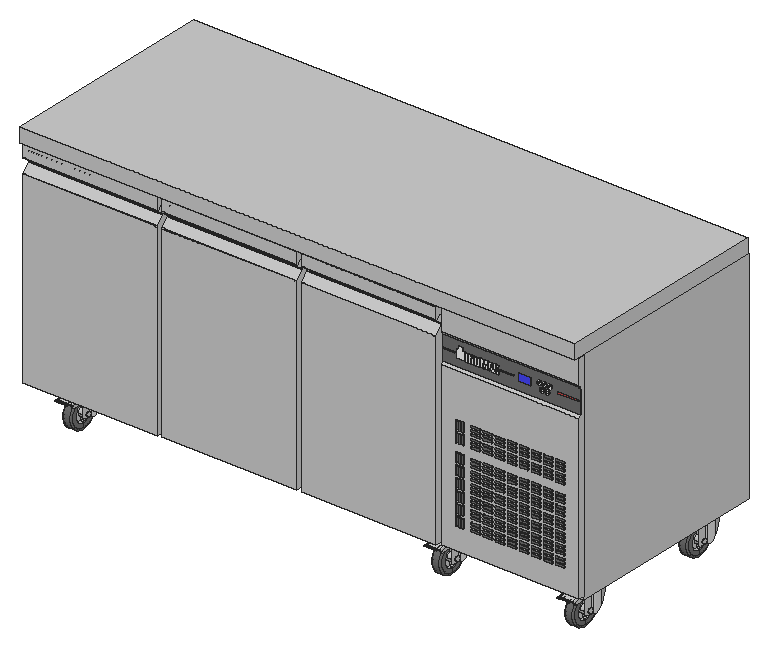
Revit family "QF_INOMAK_PNRP999_250523032323", category Specialty Equipment, Revit 2021 (continued)
Definition of nested family "QF_INOMAK_REF_COUNTERS_DOORS_DRAWERS_25901"
  Definition of nested family "2_Drawers_1-2"
    Reference planes
      plane 14: z = 602
      plane 15: z = 598
      plane 16: z = 154
    Forms (mm)
      Extrusion 1, solid, material <- "Finish", visible <- "2 Drawers"
        sketch origin (35, 0, 0) x (0, -1, 0) y (0, 0, 1)
          loop
            line (690, 602) -> (690, 960.365)
            arc (690, 960.365) -> (689.866, 961.037) -> (689.485, 961.607) r 1.757
            line (689.485, 961.607) -> (666.663, 984.429)
            arc (666.663, 984.429) -> (665.976, 985.458) -> (665.734, 986.672) r 3.172
            line (665.734, 986.672) -> (665.734, 1013.576)
            arc (665.734, 1013.576) -> (666.433, 1015.262) -> (668.119, 1015.961) r 2.385
            line (668.119, 1015.961) -> (680.029, 1015.961) -> (686.544, 1006.657)
            arc (686.544, 1006.657) -> (688.671, 1005.935) -> (690, 1007.747) r 1.9
            line (690, 1007.747) -> (690, 1046) -> (648, 1046) -> (648, 602) -> (690, 602)
        from 0 to -1130
      Extrusion 2, solid, visible <- "2 Drawers", detail levels coarse
        sketch origin (0, -640.463, 602) x (0, 1, 0) y (-1, 0, 0)
          loop
            line (-49.537, -35) -> (-624.537, -35) -> (-624.537, -1165) -> (-49.537, -1165) -> (-49.537, -35)
        from 0 to 444
      Extrusion 3, solid, visible <- "2 Drawers", detail levels coarse
        sketch origin (0, -700, 154) x (-1, 0, 0) y (0, 1, 0)
          loop
            line (-35, 10) -> (-1165, 10) -> (-1165, -565) -> (-35, -565) -> (-35, 10)
        from 0 to -444
      Extrusion 4, solid, material <- "Finish", visible <- "2 Drawers"
        sketch origin (35, 0, -441.333) x (0, -1, 0) y (0, 0, 1)
          loop
            line (690, 595.333) -> (690, 953.698)
            arc (690, 953.698) -> (689.866, 954.37) -> (689.485, 954.94) r 1.757
            line (689.485, 954.94) -> (666.663, 977.763)
            arc (666.663, 977.763) -> (665.976, 978.792) -> (665.734, 980.006) r 3.172
            line (665.734, 980.006) -> (665.734, 1006.909)
            arc (665.734, 1006.909) -> (666.433, 1008.596) -> (668.119, 1009.294) r 2.385
            line (668.119, 1009.294) -> (680.029, 1009.294) -> (686.544, 999.991)
            arc (686.544, 999.991) -> (688.671, 999.268) -> (690, 1001.08) r 1.9
            line (690, 1001.08) -> (690, 1039.333) -> (648, 1039.333) -> (648, 595.333) -> (690, 595.333)
        from 0 to -1130
    Lines and regions (mm)
      symbolic lines, visible <- "2 Drawers"
        curve 1: line (35, -940, 900) -> (35, -980, 900)
        curve 2: line (35, -980, 900) -> (1165, -980, 900)
        curve 3: line (1165, -980, 900) -> (1165, -940, 900)
        curve 4: line (1165, -940, 900) -> (35, -940, 900)
        curve 5: line (1135, -940, 900) -> (1135, -700, 900)
        curve 6: line (65, -940, 900) -> (65, -700, 900)
        curve 7: line (35, -1225, 900) -> (35, -1265, 900)
        curve 8: line (35, -1265, 900) -> (1165, -1265, 900)
        curve 9: line (1165, -1265, 900) -> (1165, -1225, 900)
        curve 10: line (1165, -1225, 900) -> (35, -1225, 900)
        curve 11: line (1135, -1225, 900) -> (1135, -980, 900)
        curve 12: line (65, -1225, 900) -> (65, -980, 900)
    Dimensions and locks
      "Length Actual": plane 3 "Left" to plane 4 "Right"
      "Depth Actual": plane 5 "Front" to plane 1 "Back"
      "Height Actual": plane 6 "Top" to plane 8 "Legs top"
      "Front inset": plane 7 "Front legs" to plane 5 "Front"
      "Plinth height": plane 8 "Legs top" to plane 2
      "Rear inset": plane 9 "Backsplash thickness" to plane 1 "Back"
      "Right panel thickness": plane 11 "Right panel" to plane 4 "Right"
      "Left panel thickness": plane 3 "Left" to plane 10 "Left panel"
      "Top inset": plane 6 "Top" to plane 13
      "Bottom inset": plane 16 to plane 8 "Legs top"
      equal spacing: plane 16, plane 12, plane 13
      locked: plane 14 to plane 12 at 2
      locked: plane 15 to plane 12 at 2
      aligned and locked: level to plane 2
      aligned and locked: Extrusion 1 to plane 11 "Right panel"
      aligned and locked: plane 10 "Left panel" to curve 1
      aligned and locked: plane 10 "Left panel" to curve 7
      aligned and locked: Extrusion 2 sketch curve to plane 10 "Left panel"
      aligned and locked: plane 11 "Right panel" to Extrusion 2 sketch curve
      aligned and locked: Extrusion 3 sketch curve to plane 10 "Left panel"
      aligned and locked: plane 11 "Right panel" to Extrusion 3 sketch curve
      aligned and locked: Extrusion 2 to plane 13
      aligned and locked: Extrusion 4 to plane 11 "Right panel"
      aligned and locked: Extrusion 3 to plane 15
      aligned and locked: Extrusion 1 sketch curve to plane 13
      aligned and locked: Extrusion 1 sketch curve to plane 7 "Front legs"
      aligned and locked: plane 14 to Extrusion 1 sketch curve
      aligned and locked: Extrusion 4 sketch curve to plane 15
      aligned and locked: Extrusion 4 sketch curve to plane 7 "Front legs"
      aligned and locked: Extrusion 4 sketch curve to plane 16
    Automatic sketch dimensions
      Extrusion 2 sketch curve to plane 7 "Front legs" = 0 mm
      Extrusion 2 sketch curve to plane 5 "Front" = 565 mm
      Extrusion 3 sketch curve to plane 7 "Front legs" = 0 mm
      Extrusion 3 sketch curve to plane 5 "Front" = 565 mm
      curve 9 to plane 11 "Right panel" = 0 mm
      curve 2 to plane 11 "Right panel" = 0 mm
      curve 5 to plane 5 "Front" = 0 mm
      curve 6 to plane 5 "Front" = 0 mm
      curve 1 to plane 5 "Front" = 240 mm
      curve 3 to curve 3 = 40 mm
      curve 7 to curve 1 = 245 mm
      curve 8 to curve 9 = 40 mm
      plane 11 "Right panel" to curve 5 = 30 mm
      curve 2 to curve 11 = 30 mm
      curve 6 to plane 10 "Left panel" = 30 mm
      curve 12 to plane 10 "Left panel" = 30 mm
      Extrusion 1 sketch curve to Extrusion 1 sketch curve = 17.734 mm
      Extrusion 1 sketch curve to Extrusion 1 sketch curve = 0.929 mm
      Extrusion 1 sketch curve to Extrusion 1 sketch curve = 2.385 mm
      Extrusion 1 sketch curve to Extrusion 1 sketch curve = 3.172 mm
      Extrusion 1 sketch curve to Extrusion 1 sketch curve = 11.91 mm
      Extrusion 1 sketch curve to Extrusion 1 sketch curve = 6.515 mm
      Extrusion 1 sketch curve to Extrusion 1 sketch curve = 1.556 mm
      Extrusion 1 sketch curve to Extrusion 1 sketch curve = 21.58 mm
      Extrusion 1 sketch curve to Extrusion 1 sketch curve = 1.242 mm
      Extrusion 1 sketch curve to Extrusion 1 sketch curve = 1.9 mm
      Extrusion 1 sketch curve to Extrusion 1 sketch curve = 0.515 mm
      Extrusion 1 sketch curve to Extrusion 1 sketch curve = 22.822 mm
      Extrusion 1 sketch curve to Extrusion 1 sketch curve = 19.985 mm
      Extrusion 1 sketch curve to Extrusion 1 sketch curve = 6.919 mm
      Extrusion 1 sketch curve to Extrusion 1 sketch curve = 30.039 mm
      Extrusion 4 sketch curve to plane 7 "Front legs" = 0 mm
      plane 7 "Front legs" to Extrusion 4 sketch curve = 0.515 mm
      plane 7 "Front legs" to Extrusion 4 sketch curve = 1.757 mm
      plane 7 "Front legs" to Extrusion 4 sketch curve = 1.9 mm
      Extrusion 4 sketch curve to Extrusion 4 sketch curve = 1.556 mm
      plane 7 "Front legs" to Extrusion 4 sketch curve = 9.971 mm
      plane 7 "Front legs" to Extrusion 4 sketch curve = 21.094 mm
      Extrusion 4 sketch curve to Extrusion 4 sketch curve = 11.91 mm
      Extrusion 4 sketch curve to Extrusion 4 sketch curve = 2.243 mm
      Extrusion 4 sketch curve to Extrusion 4 sketch curve = 2.385 mm
      Extrusion 4 sketch curve to Extrusion 4 sketch curve = 20.119 mm
      Extrusion 4 sketch curve to Extrusion 4 sketch curve = 22.822 mm
      Extrusion 4 sketch curve to Extrusion 4 sketch curve = 19.985 mm
      Extrusion 4 sketch curve to Extrusion 4 sketch curve = 6.919 mm
      Extrusion 4 sketch curve to Extrusion 4 sketch curve = 30.039 mm
  Definition of nested family "2_Drawers_1-3_2-3"
    Parameters (values of type "2 Drawers 1-3 and 2-3")
      URL = "www.specifiglobal.com"
      Top inset [instance] = 4 mm
      Right panel thickness [instance] = 35 mm
      Rear inset [instance] = 10 mm
      Plinth height [instance] = 150 mm
      Model = ""
      Manufacturer = "DEMO CONSULTANT"
      Length Actual [instance] = 1200 mm
      Left panel thickness [instance] = 35 mm
      Height Actual [instance] = 900 mm
      Front inset [instance] = 10 mm
      Finish = none
      Doors drawers type [instance] = 5
      Description = ""
      Depth Actual [instance] = 700 mm
      Default Elevation = 0 mm
      Bottom inset [instance] = 4 mm
      Assembly Code = "E1090320"
      2 Drawers 1-3 and 2-3 [instance] = Doors drawers type = 5  # yes
    Reference planes
      plane 1 "Back": y = 0
      plane 2: z = 0
      plane 3 "Left": x = 0
      plane 4 "Right": x = 1200
      plane 5 "Front": y = -700
      plane 6 "Top": z = 1050
      plane 7 "Front legs": y = -690
      plane 8 "Legs top": z = 150
      plane 9 "Backsplash thickness": y = -10
      plane 10 "Left panel": x = 35
      plane 11 "Right panel": x = 1165
      plane 12: z = 1046
      plane 13: z = 751.833
      plane 14: z = 746.833
      plane 15: z = 154
      plane 16: z = 450.667
      plane 17: z = 152
      plane 18: z = 1048
      plane 19: z = 749.333
    Forms (mm)
      Extrusion 1, solid, material <- "Finish", visible <- "2 Drawers 1-3 and 2-3"
        sketch origin (35, 0, 0) x (0, -1, 0) y (0, 0, 1)
          loop
            line (690, 751.833) -> (690, 960.365)
            arc (690, 960.365) -> (689.866, 961.037) -> (689.485, 961.607) r 1.757
            line (689.485, 961.607) -> (666.663, 984.429)
            arc (666.663, 984.429) -> (665.976, 985.458) -> (665.734, 986.672) r 3.172
            line (665.734, 986.672) -> (665.734, 1013.576)
            arc (665.734, 1013.576) -> (666.433, 1015.262) -> (668.119, 1015.961) r 2.385
            line (668.119, 1015.961) -> (680.029, 1015.961) -> (686.544, 1006.657)
            arc (686.544, 1006.657) -> (688.671, 1005.935) -> (690, 1007.747) r 1.9
            line (690, 1007.747) -> (690, 1046) -> (648, 1046) -> (648, 751.833) -> (690, 751.833)
        from 0 to -1130
      Extrusion 2, solid, visible <- "2 Drawers 1-3 and 2-3", detail levels coarse
        sketch origin (0, -640.463, 751.833) x (0, 1, 0) y (-1, 0, 0)
          loop
            line (-49.537, -35) -> (-624.537, -35) -> (-624.537, -1165) -> (-49.537, -1165) -> (-49.537, -35)
        from 0 to 294.167
      Extrusion 3, solid, visible <- "2 Drawers 1-3 and 2-3", detail levels coarse
        sketch origin (0, -700, 154) x (-1, 0, 0) y (0, 1, 0)
          loop
            line (-35, 10) -> (-1165, 10) -> (-1165, -565) -> (-35, -565) -> (-35, 10)
        from 0 to -592.833
      Extrusion 4, solid, material <- "Finish", visible <- "2 Drawers 1-3 and 2-3"
        sketch origin (35, 0, -441.333) x (0, -1, 0) y (0, 0, 1)
          loop
            line (690, 595.333) -> (690, 1101.698)
            arc (690, 1101.698) -> (689.866, 1102.37) -> (689.485, 1102.94) r 1.757
            line (689.485, 1102.94) -> (666.663, 1126.596)
            arc (666.663, 1126.596) -> (665.976, 1127.625) -> (665.734, 1128.839) r 3.172
            line (665.734, 1128.839) -> (665.734, 1155.743)
            arc (665.734, 1155.743) -> (666.433, 1157.429) -> (668.119, 1158.128) r 2.385
            line (668.119, 1158.128) -> (680.029, 1158.128) -> (686.544, 1148.824)
            arc (686.544, 1148.824) -> (688.671, 1148.102) -> (690, 1149.914) r 1.9
            line (690, 1149.914) -> (690, 1188.167) -> (648, 1188.167) -> (648, 595.333) -> (690, 595.333)
        from 0 to -1130
    Lines and regions (mm)
      symbolic lines, visible <- "2 Drawers 1-3 and 2-3"
        curve 1: line (35, -1000, 900) -> (35, -1040, 900)
        curve 2: line (35, -1040, 900) -> (1165, -1040, 900)
        curve 3: line (1165, -1040, 900) -> (1165, -1000, 900)
        curve 4: line (1165, -1000, 900) -> (35, -1000, 900)
        curve 5: line (1135, -1000, 900) -> (1135, -700, 900)
        curve 6: line (65, -1000, 900) -> (65, -700, 900)
        curve 7: line (35, -1225, 900) -> (35, -1265, 900)
        curve 8: line (35, -1265, 900) -> (1165, -1265, 900)
        curve 9: line (1165, -1265, 900) -> (1165, -1225, 900)
        curve 10: line (1165, -1225, 900) -> (35, -1225, 900)
        curve 11: line (1135, -1225, 900) -> (1135, -1040, 900)
        curve 12: line (65, -1225, 900) -> (65, -1040, 900)
    Dimensions and locks
      "Length Actual": plane 3 "Left" to plane 4 "Right"
      "Depth Actual": plane 5 "Front" to plane 1 "Back"
      "Height Actual": plane 6 "Top" to plane 8 "Legs top"
      "Front inset": plane 7 "Front legs" to plane 5 "Front"
      "Plinth height": plane 8 "Legs top" to plane 2
      "Rear inset": plane 9 "Backsplash thickness" to plane 1 "Back"
      "Right panel thickness": plane 11 "Right panel" to plane 4 "Right"
      "Left panel thickness": plane 3 "Left" to plane 10 "Left panel"
      "Top inset": plane 6 "Top" to plane 12
      locked: plane 13 to plane 14 at 5
      "Bottom inset": plane 15 to plane 8 "Legs top"
      equal spacing: plane 17, plane 16, plane 19, plane 18
      equal spacing: plane 12, plane 18, plane 6 "Top"
      equal spacing: plane 14, plane 19, plane 13
      equal spacing: plane 15, plane 17, plane 8 "Legs top"
      aligned and locked: level to plane 2
      aligned and locked: Extrusion 1 to plane 11 "Right panel"
      aligned and locked: plane 10 "Left panel" to curve 1
      aligned and locked: plane 10 "Left panel" to curve 7
      aligned and locked: Extrusion 2 sketch curve to plane 10 "Left panel"
      aligned and locked: plane 11 "Right panel" to Extrusion 2 sketch curve
      aligned and locked: Extrusion 3 sketch curve to plane 10 "Left panel"
      aligned and locked: plane 11 "Right panel" to Extrusion 3 sketch curve
      aligned and locked: Extrusion 2 to plane 12
      aligned and locked: Extrusion 4 to plane 11 "Right panel"
      aligned and locked: Extrusion 3 to plane 14
      aligned and locked: plane 13 to Extrusion 1 sketch curve
      aligned and locked: Extrusion 2 to Extrusion 1 sketch curve
      aligned and locked: Extrusion 3 to Extrusion 4 sketch curve
      aligned and locked: Extrusion 4 sketch curve to Extrusion 3  (x2)
      aligned and locked: Extrusion 1 sketch curve to plane 7 "Front legs"
    Automatic sketch dimensions
      Extrusion 2 sketch curve to plane 7 "Front legs" = 0 mm
      Extrusion 2 sketch curve to plane 5 "Front" = 565 mm
      Extrusion 3 sketch curve to plane 7 "Front legs" = 0 mm
      Extrusion 3 sketch curve to plane 5 "Front" = 565 mm
      curve 9 to plane 11 "Right panel" = 0 mm
      curve 2 to plane 11 "Right panel" = 0 mm
      curve 5 to plane 5 "Front" = 0 mm
      curve 6 to plane 5 "Front" = 0 mm
      curve 1 to plane 5 "Front" = 300 mm
      curve 3 to curve 3 = 40 mm
      curve 7 to curve 1 = 185 mm
      curve 8 to curve 9 = 40 mm
      plane 11 "Right panel" to curve 5 = 30 mm
      curve 11 to curve 5 = 0 mm
      curve 6 to plane 10 "Left panel" = 30 mm
      curve 12 to curve 6 = 0 mm
      Extrusion 1 sketch curve to plane 7 "Front legs" = 0 mm
      plane 7 "Front legs" to Extrusion 1 sketch curve = 0.515 mm
      plane 7 "Front legs" to Extrusion 1 sketch curve = 1.757 mm
      plane 7 "Front legs" to Extrusion 1 sketch curve = 1.9 mm
      Extrusion 1 sketch curve to Extrusion 1 sketch curve = 1.556 mm
      plane 7 "Front legs" to Extrusion 1 sketch curve = 9.971 mm
      plane 7 "Front legs" to Extrusion 1 sketch curve = 21.094 mm
      Extrusion 1 sketch curve to Extrusion 1 sketch curve = 11.91 mm
      Extrusion 1 sketch curve to Extrusion 1 sketch curve = 2.243 mm
      Extrusion 1 sketch curve to Extrusion 1 sketch curve = 2.385 mm
      Extrusion 1 sketch curve to Extrusion 1 sketch curve = 20.119 mm
      plane 12 to Extrusion 1 sketch curve = 85.635 mm
      Extrusion 1 sketch curve to Extrusion 1 sketch curve = 22.822 mm
      Extrusion 1 sketch curve to Extrusion 1 sketch curve = 19.985 mm
      Extrusion 1 sketch curve to Extrusion 1 sketch curve = 6.919 mm
      plane 12 to Extrusion 1 sketch curve = 0 mm
      Extrusion 4 sketch curve to plane 7 "Front legs" = 0 mm
      plane 7 "Front legs" to Extrusion 4 sketch curve = 0.515 mm
      plane 7 "Front legs" to Extrusion 4 sketch curve = 1.9 mm
      Extrusion 4 sketch curve to Extrusion 4 sketch curve = 1.556 mm
      plane 7 "Front legs" to Extrusion 4 sketch curve = 9.971 mm
      plane 7 "Front legs" to Extrusion 4 sketch curve = 21.094 mm
      Extrusion 4 sketch curve to Extrusion 4 sketch curve = 11.91 mm
      Extrusion 4 sketch curve to Extrusion 4 sketch curve = 2.243 mm
      Extrusion 4 sketch curve to Extrusion 4 sketch curve = 2.385 mm
      Extrusion 4 sketch curve to Extrusion 4 sketch curve = 20.119 mm
      Extrusion 4 sketch curve to Extrusion 4 sketch curve = 86.469 mm
      Extrusion 4 sketch curve to Extrusion 4 sketch curve = 23.656 mm
      Extrusion 4 sketch curve to Extrusion 4 sketch curve = 19.985 mm
      Extrusion 4 sketch curve to Extrusion 4 sketch curve = 6.919 mm
      plane 7 "Front legs" to Extrusion 4 sketch curve = 1.757 mm
  Definition of nested family "Sliding_Doors"
    Parameters (values of type "Sliding doors")
      URL = "www.specifiglobal.com"
      Top inset [instance] = 4 mm
      Sliding doors [instance] = Doors drawers type = 2  # yes
      Right panel thickness [instance] = 35 mm
      Rear inset [instance] = 10 mm
      Plinth height [instance] = 150 mm
      Model = ""
      Manufacturer = "DEMO CONSULTANT"
      Length Actual [instance] = 1200 mm
      Left panel thickness [instance] = 35 mm
      Height Actual [instance] = 900 mm
      Front inset [instance] = 10 mm
      Finish [instance] = none
      Doors drawers type [instance] = 2
      Description = ""
      Depth Actual [instance] = 700 mm
      Default Elevation = 0 mm
      Bottom inset [instance] = 4 mm
      Assembly Code = "E1090320"
    Reference planes
      plane 1 "Back": y = 0
      plane 2: z = 0
      plane 3 "Left": x = 0
      plane 4 "Right": x = 1200
      plane 5 "Front": y = -700
      plane 6 "Top": z = 1050
      plane 7 "Front legs": y = -690
      plane 8 "Legs top": z = 150
      plane 9 "Backsplash thickness": y = -10
      plane 10: x = 35
      plane 11: x = 1165
      plane 12 "Center Left-Right": x = 600
      plane 13: z = 154
      plane 14: z = 1046
    Forms (mm)
      Extrusion 1, solid, material <- "Finish", visible <- "Sliding doors"
        sketch origin (0, -690, 154) x (-1, 0, 0) y (0, 1, 0)
          loop
            line (-35, 10) -> (-35, 20) -> (-620, 20) -> (-620, 0) -> (-91.156, 0)
            arc (-91.156, 0) -> (-85.272, 0.885) -> (-79.91, 3.461) r 20
            line (-79.91, 3.461) -> (-60, 17) -> (-38, 17) -> (-38, 10)
            arc (-38, 10) -> (-40.05, 5.05) -> (-45, 3) r 7
            line (-45, 3) -> (-50.012, 3) -> (-50.012, 0) -> (-45, 0)
            arc (-45, 0) -> (-37.929, 2.929) -> (-35, 10) r 10
        from 0 to -892
      Extrusion 2, solid, material <- "Finish", visible <- "Sliding doors"
        sketch origin (0, -689, 154) x (-1, 0, 0) y (0, 1, 0)
          loop
            arc (-1065, 30) -> (-1062.071, 22.929) -> (-1055, 20) r 10
            line (-1055, 20) -> (-1049.988, 20) -> (-1049.988, 23) -> (-1055, 23)
            arc (-1055, 23) -> (-1059.95, 25.05) -> (-1062, 30) r 7
            line (-1062, 30) -> (-1062, 37) -> (-1040, 37) -> (-1020.09, 23.461)
            arc (-1020.09, 23.461) -> (-1014.728, 20.885) -> (-1008.844, 20) r 20
            line (-1008.844, 20) -> (-480, 20) -> (-480, 40) -> (-1065, 40) -> (-1065, 30)
        from 0 to -892
    Lines and regions (mm)
      symbolic lines, visible <- "Sliding doors"
        curve 1: line (1065, -649, 150) -> (480, -649, 150)
        curve 2: line (1065, -669, 150) -> (1065, -649, 150)
        curve 3: line (480, -669, 150) -> (1065, -669, 150)
        curve 4: line (480, -649, 150) -> (480, -669, 150)
        curve 5: line (620, -690, 150) -> (35, -690, 150)
        curve 6: line (620, -670, 150) -> (620, -690, 150)
        curve 7: line (35, -670, 150) -> (620, -670, 150)
        curve 8: line (35, -690, 150) -> (35, -670, 150)
    Dimensions and locks
      "Length Actual": plane 3 "Left" to plane 4 "Right"
      "Depth Actual": plane 5 "Front" to plane 1 "Back"
      "Height Actual": plane 6 "Top" to plane 8 "Legs top"
      "Front inset": plane 7 "Front legs" to plane 5 "Front"
      "Plinth height": plane 8 "Legs top" to plane 2
      "Rear inset": plane 9 "Backsplash thickness" to plane 1 "Back"
      "Right panel thickness": plane 11 to plane 4 "Right"
      "Left panel thickness": plane 3 "Left" to plane 10
      equal spacing: plane 10, plane 12 "Center Left-Right", plane 11
      "Top inset": plane 6 "Top" to plane 14
      "Bottom inset": plane 13 to plane 8 "Legs top"
      locked: plane 12 "Center Left-Right" to curve 4 at 120
      locked: plane 12 "Center Left-Right" to curve 5 at 20
      locked: plane 11 to curve 1 at 100
      aligned and locked: level to plane 2
      aligned and locked: Extrusion 1 sketch curve to plane 7 "Front legs"
      aligned and locked: Extrusion 1 sketch curve to plane 10
      aligned and locked: Extrusion 1 to plane 14
      aligned and locked: Extrusion 2 to plane 14
      aligned and locked: curve 8 to plane 10
    Automatic sketch dimensions
      Extrusion 2 sketch curve to Extrusion 2 sketch curve = 0 mm  (x2)
      plane 11 to Extrusion 2 sketch curve = 100 mm
      Extrusion 2 sketch curve to Extrusion 2 sketch curve = 3 mm
      Extrusion 2 sketch curve to Extrusion 2 sketch curve = 7 mm  (x2)
      Extrusion 2 sketch curve to Extrusion 2 sketch curve = 5.012 mm
      plane 7 "Front legs" to Extrusion 2 sketch curve = 38 mm
      Extrusion 2 sketch curve to Extrusion 2 sketch curve = 15 mm
      plane 7 "Front legs" to Extrusion 2 sketch curve = 24.461 mm
      Extrusion 2 sketch curve to Extrusion 2 sketch curve = 19.91 mm
      Extrusion 2 sketch curve to Extrusion 2 sketch curve = 11.246 mm
      Extrusion 2 sketch curve to plane 12 "Center Left-Right" = 120 mm
      Extrusion 2 sketch curve to Extrusion 2 sketch curve = 16.539 mm
      Extrusion 2 sketch curve to Extrusion 2 sketch curve = 20 mm
      Extrusion 1 sketch curve to Extrusion 1 sketch curve = 0 mm  (x2)
      Extrusion 1 sketch curve to plane 7 "Front legs" = 0 mm
      Extrusion 1 sketch curve to plane 10 = 3 mm
      Extrusion 1 sketch curve to Extrusion 1 sketch curve = 7 mm
      Extrusion 1 sketch curve to Extrusion 1 sketch curve = 5.012 mm
      Extrusion 1 sketch curve to Extrusion 1 sketch curve = 15 mm
      plane 7 "Front legs" to Extrusion 1 sketch curve = 3.461 mm
      Extrusion 1 sketch curve to Extrusion 1 sketch curve = 19.91 mm
      Extrusion 1 sketch curve to Extrusion 1 sketch curve = 11.246 mm
      plane 12 "Center Left-Right" to Extrusion 1 sketch curve = 20 mm
      Extrusion 1 sketch curve to Extrusion 1 sketch curve = 20 mm
      Extrusion 1 sketch curve to Extrusion 1 sketch curve = 3 mm
      curve 8 to plane 7 "Front legs" = 0 mm
      curve 5 to curve 6 = 20 mm
      plane 7 "Front legs" to curve 2 = 21 mm
      curve 2 to curve 2 = 20 mm
  Definition of nested family "4_Drawers_1-4"
    Parameters (values of type "4 Drawers 1-4")
      URL = "www.specifiglobal.com"
      Top inset [instance] = 4 mm
      Right panel thickness [instance] = 35 mm
      Rear inset [instance] = 10 mm
      Plinth height [instance] = 150 mm
      Model = ""
      Manufacturer = "DEMO CONSULTANT"
      Length Actual [instance] = 1200 mm
      Left panel thickness [instance] = 35 mm
      Height Actual [instance] = 900 mm
      Front inset [instance] = 10 mm
      Finish [instance] = none
      Doors drawers type [instance] = 7
      Description = ""
      Depth Actual [instance] = 700 mm
      Default Elevation = 0 mm
      Bottom inset [instance] = 4 mm
      Assembly Code = "E1090320"
      4 Drawers [instance] = Doors drawers type = 7  # yes
    Reference planes
      plane 1 "Back": y = 0
      plane 2: z = 0
      plane 3 "Left": x = 0
      plane 4 "Right": x = 1200
      plane 5 "Front": y = -700
      plane 6 "Top": z = 1050
      plane 7 "Front legs": y = -690
      plane 8 "Legs top": z = 150
      plane 9 "Backsplash thickness": y = -10
      plane 10 "Left panel": x = 35
      plane 11 "Right panel": x = 1165
      plane 12: z = 824.25
      plane 13: z = 1046
      plane 14: z = 826.083
      plane 15: z = 822.417
      plane 16: z = 1048.5
      plane 17: z = 375.75
      plane 18: z = 377.917
      plane 19: z = 373.583
      plane 20: z = 154
      plane 21: z = 151.5
      plane 22: z = 600
      plane 23: z = 601.833
      plane 24: z = 598.167
    Forms (mm)
      Extrusion 1, solid, material <- "Finish", visible <- "4 Drawers"
        sketch origin (35, 0, -1) x (0, -1, 0) y (0, 0, 1)
          loop
            line (680, 1047) -> (670, 1047) -> (670, 827.083) -> (690, 827.083) -> (690, 990.844)
            arc (690, 990.844) -> (689.115, 996.728) -> (686.539, 1002.09) r 20
            line (686.539, 1002.09) -> (673, 1022) -> (673, 1044) -> (680, 1044)
            arc (680, 1044) -> (684.95, 1041.95) -> (687, 1037) r 7
            line (687, 1037) -> (687, 1031.988) -> (690, 1031.988) -> (690, 1037)
            arc (690, 1037) -> (687.071, 1044.071) -> (680, 1047) r 10
        from 0 to -1130
      Extrusion 2, solid, visible <- "4 Drawers", detail levels coarse
        sketch origin (0, -640.463, 826.083) x (0, 1, 0) y (-1, 0, 0)
          loop
            line (-49.537, -35) -> (-624.537, -35) -> (-624.537, -1165) -> (-49.537, -1165) -> (-49.537, -35)
        from 0 to 219.917
      Extrusion 3, solid, visible <- "4 Drawers", detail levels coarse
        sketch origin (0, -700, 154) x (-1, 0, 0) y (0, 1, 0)
          loop
            line (-35, 10) -> (-1165, 10) -> (-1165, -565) -> (-35, -565) -> (-35, 10)
        from 0 to -219.583
      Extrusion 4, solid, material <- "Finish", visible <- "4 Drawers"
        sketch origin (35, 0, -440.333) x (0, -1, 0) y (0, 0, 1)
          loop
            line (680, 813.917) -> (670, 813.917) -> (670, 594.333) -> (690, 594.333) -> (690, 757.761)
            arc (690, 757.761) -> (689.115, 763.644) -> (686.539, 769.007) r 20
            line (686.539, 769.007) -> (673, 788.917) -> (673, 810.917) -> (680, 810.917)
            arc (680, 810.917) -> (684.95, 808.866) -> (687, 803.917) r 7
            line (687, 803.917) -> (687, 798.904) -> (690, 798.904) -> (690, 803.917)
            arc (690, 803.917) -> (687.071, 810.988) -> (680, 813.917) r 10
        from 0 to -1130
      Extrusion 5, solid, material <- "Finish", visible <- "4 Drawers"
        sketch origin (35, 0, -165.333) x (0, -1, 0) y (0, 0, 1)
          loop
            line (680, 987.75) -> (670, 987.75) -> (670, 767.167) -> (690, 767.167) -> (690, 931.594)
            arc (690, 931.594) -> (689.115, 937.478) -> (686.539, 942.84) r 20
            line (686.539, 942.84) -> (673, 962.75) -> (673, 984.75) -> (680, 984.75)
            arc (680, 984.75) -> (684.95, 982.7) -> (687, 977.75) r 7
            line (687, 977.75) -> (687, 972.738) -> (690, 972.738) -> (690, 977.75)
            arc (690, 977.75) -> (687.071, 984.821) -> (680, 987.75) r 10
        from 0 to -1130
      Extrusion 6, solid, material <- "Finish", visible <- "4 Drawers"
        sketch origin (35, 0, -330.333) x (0, -1, 0) y (0, 0, 1)
          loop
            line (680, 928.5) -> (670, 928.5) -> (670, 708.25) -> (690, 708.25) -> (690, 872.344)
            arc (690, 872.344) -> (689.115, 878.228) -> (686.539, 883.59) r 20
            line (686.539, 883.59) -> (673, 903.5) -> (673, 925.5) -> (680, 925.5)
            arc (680, 925.5) -> (684.95, 923.45) -> (687, 918.5) r 7
            line (687, 918.5) -> (687, 913.488) -> (690, 913.488) -> (690, 918.5)
            arc (690, 918.5) -> (687.071, 925.571) -> (680, 928.5) r 10
        from 0 to -1130
      Extrusion 7, solid, visible <- "4 Drawers", detail levels coarse
        sketch origin (0, -500.463, 601.833) x (0, 1, 0) y (-1, 0, 0)
          loop
            line (-189.537, -35) -> (-764.537, -35) -> (-764.537, -1165) -> (-189.537, -1165) -> (-189.537, -35)
        from 0 to 220.583
      Extrusion 8, solid, visible <- "4 Drawers", detail levels coarse
        sketch origin (0, -540.463, 377.917) x (0, 1, 0) y (-1, 0, 0)
          loop
            line (-149.537, -35) -> (-724.537, -35) -> (-724.537, -1165) -> (-149.537, -1165) -> (-149.537, -35)
        from 0 to 220.25
    Lines and regions (mm)
      symbolic lines, visible <- "4 Drawers"
        curve 1: line (35, -945, 900) -> (35, -985, 900)
        curve 2: line (35, -985, 900) -> (1165, -985, 900)
        curve 3: line (1165, -985, 900) -> (1165, -945, 900)
        curve 4: line (1165, -945, 900) -> (35, -945, 900)
        curve 5: line (1135, -945, 900) -> (1135, -845, 900)
        curve 6: line (65, -945, 900) -> (65, -845, 900)
        curve 7: line (35, -1085, 900) -> (35, -1125, 900)
        curve 8: line (35, -1125, 900) -> (1165, -1125, 900)
        curve 9: line (1165, -1125, 900) -> (1165, -1085, 900)
        curve 10: line (1165, -1085, 900) -> (35, -1085, 900)
        curve 11: line (1135, -1085, 900) -> (1135, -985, 900)
        curve 12: line (65, -1085, 900) -> (65, -985, 900)
        curve 13: line (35, -1225, 900) -> (35, -1265, 900)
        curve 14: line (35, -1265, 900) -> (1165, -1265, 900)
        curve 15: line (1165, -1265, 900) -> (1165, -1225, 900)
        curve 16: line (1165, -1225, 900) -> (35, -1225, 900)
        curve 17: line (1135, -1225, 900) -> (1135, -1125, 900)
        curve 18: line (65, -1225, 900) -> (65, -1125, 900)
        curve 19: line (35, -805, 900) -> (35, -845, 900)
        curve 20: line (35, -845, 900) -> (1165, -845, 900)
        curve 21: line (1165, -845, 900) -> (1165, -805, 900)
        curve 22: line (1165, -805, 900) -> (35, -805, 900)
        curve 23: line (65, -805, 900) -> (65, -700, 900)
        curve 24: line (1135, -805, 900) -> (1135, -700, 900)
    Dimensions and locks
      "Length Actual": plane 3 "Left" to plane 4 "Right"
      "Depth Actual": plane 5 "Front" to plane 1 "Back"
      "Height Actual": plane 6 "Top" to plane 8 "Legs top"
      "Front inset": plane 7 "Front legs" to plane 5 "Front"
      "Plinth height": plane 8 "Legs top" to plane 2
      "Rear inset": plane 9 "Backsplash thickness" to plane 1 "Back"
      "Right panel thickness": plane 11 "Right panel" to plane 4 "Right"
      "Left panel thickness": plane 3 "Left" to plane 10 "Left panel"
      locked: plane 14 to plane 15 at 3.667
      equal spacing: plane 14, plane 12, plane 15
      locked: plane 23 to plane 24 at 3.667
      equal spacing: plane 23, plane 22, plane 24
      "Bottom inset": plane 20 to plane 8 "Legs top"
      equal spacing: plane 19, plane 17, plane 18
      locked: plane 19 to plane 18 at 4.333
      equal spacing: plane 21, plane 17, plane 22, plane 12, plane 16
      locked: plane 13 to plane 16 at 2.5
      "Top inset": plane 13 to plane 6 "Top"
      locked: plane 21 to plane 20 at 2.5
      aligned and locked: level to plane 2
      aligned and locked: plane 7 "Front legs" to Extrusion 1 sketch curve  (x2)
      aligned and locked: Extrusion 1 to plane 11 "Right panel"
      aligned and locked: Extrusion 1 sketch curve to plane 13
      aligned and locked: Extrusion 1 sketch curve to plane 14
      aligned and locked: plane 10 "Left panel" to curve 1
      aligned and locked: plane 10 "Left panel" to curve 7
      aligned and locked: plane 10 "Left panel" to curve 13
      aligned and locked: Extrusion 2 sketch curve to plane 10 "Left panel"
      aligned and locked: plane 11 "Right panel" to Extrusion 2 sketch curve
      aligned and locked: Extrusion 3 sketch curve to plane 10 "Left panel"
      aligned and locked: plane 11 "Right panel" to Extrusion 3 sketch curve
      aligned and locked: Extrusion 2 to plane 13
      aligned and locked: Extrusion 3 to plane 19
      aligned and locked: plane 20 to Extrusion 4 sketch curve
      aligned and locked: Extrusion 4 to plane 11 "Right panel"
      aligned and locked: Extrusion 5 sketch curve to plane 15
      aligned and locked: plane 7 "Front legs" to Extrusion 5 sketch curve
      aligned and locked: Extrusion 5 sketch curve to plane 23
      aligned and locked: Extrusion 6 sketch curve to plane 24
      aligned and locked: plane 7 "Front legs" to Extrusion 6 sketch curve
      aligned and locked: Extrusion 6 sketch curve to plane 18
      aligned and locked: Extrusion 7 to plane 15
      aligned and locked: Extrusion 8 to plane 24
      aligned and locked: Extrusion 5 to plane 11 "Right panel"
      aligned and locked: Extrusion 6 to plane 11 "Right panel"
    Automatic sketch dimensions
      Extrusion 1 sketch curve to Extrusion 1 sketch curve = 0 mm  (x2)
      plane 7 "Front legs" to Extrusion 1 sketch curve = 3 mm
      plane 7 "Front legs" to Extrusion 1 sketch curve = 3.461 mm
      plane 7 "Front legs" to Extrusion 1 sketch curve = 10 mm
      Extrusion 1 sketch curve to Extrusion 1 sketch curve = 7 mm
      plane 7 "Front legs" to Extrusion 1 sketch curve = 20 mm  (x2)
      Extrusion 1 sketch curve to Extrusion 1 sketch curve = 46.156 mm
      Extrusion 1 sketch curve to Extrusion 1 sketch curve = 15 mm
      Extrusion 1 sketch curve to Extrusion 1 sketch curve = 5.012 mm
      Extrusion 2 sketch curve to plane 7 "Front legs" = 0 mm
      Extrusion 2 sketch curve to plane 5 "Front" = 565 mm
      Extrusion 3 sketch curve to plane 7 "Front legs" = 0 mm
      Extrusion 3 sketch curve to plane 5 "Front" = 565 mm
      Extrusion 5 sketch curve to Extrusion 5 sketch curve = 0 mm  (x2)
      Extrusion 5 sketch curve to plane 7 "Front legs" = 0 mm
      plane 7 "Front legs" to Extrusion 5 sketch curve = 3 mm
      plane 7 "Front legs" to Extrusion 5 sketch curve = 3.461 mm
      plane 7 "Front legs" to Extrusion 5 sketch curve = 10 mm
      Extrusion 5 sketch curve to Extrusion 5 sketch curve = 7 mm
      plane 7 "Front legs" to Extrusion 5 sketch curve = 20 mm  (x2)
      Extrusion 5 sketch curve to Extrusion 5 sketch curve = 46.156 mm
      Extrusion 5 sketch curve to Extrusion 5 sketch curve = 15 mm
      Extrusion 5 sketch curve to Extrusion 5 sketch curve = 5.012 mm
      Extrusion 6 sketch curve to Extrusion 6 sketch curve = 0 mm  (x2)
      Extrusion 6 sketch curve to plane 7 "Front legs" = 0 mm
      plane 7 "Front legs" to Extrusion 6 sketch curve = 3 mm
      plane 7 "Front legs" to Extrusion 6 sketch curve = 3.461 mm
      plane 7 "Front legs" to Extrusion 6 sketch curve = 10 mm
      Extrusion 6 sketch curve to Extrusion 6 sketch curve = 7 mm
      plane 7 "Front legs" to Extrusion 6 sketch curve = 20 mm  (x2)
      Extrusion 6 sketch curve to Extrusion 6 sketch curve = 46.156 mm
      Extrusion 6 sketch curve to Extrusion 6 sketch curve = 15 mm
      Extrusion 6 sketch curve to Extrusion 6 sketch curve = 5.012 mm
      curve 14 to plane 11 "Right panel" = 0 mm
      curve 8 to plane 11 "Right panel" = 0 mm
      curve 2 to plane 11 "Right panel" = 0 mm
      curve 21 to plane 11 "Right panel" = 0 mm
      curve 20 to plane 10 "Left panel" = 0 mm
      curve 23 to plane 5 "Front" = 0 mm
      curve 24 to plane 5 "Front" = 0 mm
      curve 21 to plane 5 "Front" = 105 mm
      curve 20 to curve 21 = 40 mm
      curve 3 to curve 20 = 100 mm
      curve 3 to curve 3 = 40 mm
      curve 10 to curve 1 = 100 mm
      curve 9 to curve 9 = 40 mm
      curve 15 to curve 8 = 100 mm
      curve 15 to curve 15 = 40 mm
      plane 11 "Right panel" to curve 24 = 30 mm
      curve 8 to curve 17 = 30 mm
      curve 11 to curve 17 = 0 mm
      curve 23 to plane 10 "Left panel" = 30 mm
      curve 12 to curve 6 = 0 mm
      curve 18 to curve 12 = 0 mm
      Extrusion 4 sketch curve to Extrusion 4 sketch curve = 0 mm  (x2)
      plane 19 to Extrusion 4 sketch curve = 0 mm
      Extrusion 4 sketch curve to plane 7 "Front legs" = 0 mm  (x2)
      plane 7 "Front legs" to Extrusion 4 sketch curve = 3 mm
      plane 7 "Front legs" to Extrusion 4 sketch curve = 3.461 mm
      plane 7 "Front legs" to Extrusion 4 sketch curve = 10 mm
      Extrusion 4 sketch curve to Extrusion 4 sketch curve = 7 mm
      plane 7 "Front legs" to Extrusion 4 sketch curve = 20 mm  (x2)
      Extrusion 4 sketch curve to Extrusion 4 sketch curve = 46.156 mm
      Extrusion 4 sketch curve to Extrusion 4 sketch curve = 15 mm
      Extrusion 4 sketch curve to Extrusion 4 sketch curve = 5.012 mm
      Extrusion 7 sketch curve to plane 10 "Left panel" = 0 mm
      Extrusion 7 sketch curve to plane 11 "Right panel" = 0 mm
      Extrusion 7 sketch curve to plane 7 "Front legs" = 0 mm
      Extrusion 7 sketch curve to plane 5 "Front" = 565 mm
      Extrusion 8 sketch curve to plane 10 "Left panel" = 0 mm
      Extrusion 8 sketch curve to plane 11 "Right panel" = 0 mm
      Extrusion 8 sketch curve to plane 7 "Front legs" = 0 mm
      Extrusion 8 sketch curve to plane 5 "Front" = 565 mm
      curve 6 to plane 10 "Left panel" = 30 mm
      curve 5 to curve 24 = 0 mm
  Definition of nested family "Hinged_Doors"
    Parameters (values of type "Hinged doors")
      URL = "www.specifiglobal.com"
      Top inset [instance] = 4 mm
      Right panel thickness [instance] = 35 mm
      Rear inset [instance] = 10 mm
      Plinth height [instance] = 150 mm
      Model = ""
      Manufacturer = "DEMO CONSULTANT"
      Length Actual [instance] = 1200 mm
      Left panel thickness [instance] = 35 mm
      Hinged doors [instance] = Doors drawers type = 3  # yes
      Height Actual [instance] = 900 mm
      Front inset [instance] = 10 mm
      Finish [instance] = none
      Doors drawers type [instance] = 3
      Description = ""
      Depth Actual [instance] = 700 mm
      Default Elevation = 0 mm
      Bottom inset [instance] = 4 mm
      Assembly Code = "E1090320"
    Reference planes
      plane 1 "Back": y = 0
      plane 2: z = 0
      plane 3 "Left": x = 0
      plane 4 "Right": x = 1200
      plane 5 "Front": y = -700
      plane 6 "Top": z = 1050
      plane 7 "Front legs": y = -690
      plane 8 "Legs top": z = 150
      plane 9 "Backsplash thickness": y = -10
      plane 10: x = 35
      plane 11: x = 1165
      plane 12 "Center Left-Right": x = 600
      plane 13: x = 597.5
      plane 14: x = 602.5
      plane 15: z = 154
      plane 16: z = 1046
    Forms (mm)
      Extrusion 1, solid, material <- "Finish", visible <- "Hinged doors"
        sketch origin (35, -2307.849, 4000) x (0, -1, 0) y (0, 0, 1)
          loop
            line (-1627.849, -2954) -> (-1637.849, -2954) -> (-1637.849, -3846) -> (-1617.849, -3846) -> (-1617.849, -3010.156)
            arc (-1617.849, -3010.156) -> (-1618.734, -3004.272) -> (-1621.31, -2998.91) r 20
            line (-1621.31, -2998.91) -> (-1634.849, -2979) -> (-1634.849, -2957) -> (-1627.849, -2957)
            arc (-1627.849, -2957) -> (-1622.899, -2959.05) -> (-1620.849, -2964) r 7
            line (-1620.849, -2964) -> (-1620.849, -2969.012) -> (-1617.849, -2969.012) -> (-1617.849, -2964)
            arc (-1617.849, -2964) -> (-1620.778, -2956.929) -> (-1627.849, -2954) r 10
        from 0 to -562.5
      Extrusion 2, solid, visible <- "Hinged doors", detail levels coarse
        sketch origin (0, -700, 154) x (-1, 0, 0) y (0, 1, 0)
          loop
            line (-35, 10) -> (-597.5, 10)
            arc (-597.5, 10) -> (-432.748, -387.748) -> (-35, -552.5) r 562.5
            line (-35, -552.5) -> (-35, 10)
        from 0 to -892
      Extrusion 3, solid, material <- "Finish", visible <- "Hinged doors"
        sketch origin (1165, -2312.576, 4000) x (0, -1, 0) y (0, 0, 1)
          loop
            line (-1632.576, -2954) -> (-1642.576, -2954) -> (-1642.576, -3846) -> (-1622.576, -3846) -> (-1622.576, -3010.156)
            arc (-1622.576, -3010.156) -> (-1623.46, -3004.272) -> (-1626.037, -2998.91) r 20
            line (-1626.037, -2998.91) -> (-1639.576, -2979) -> (-1639.576, -2957) -> (-1632.576, -2957)
            arc (-1632.576, -2957) -> (-1627.626, -2959.05) -> (-1625.576, -2964) r 7
            line (-1625.576, -2964) -> (-1625.576, -2969.012) -> (-1622.576, -2969.012) -> (-1622.576, -2964)
            arc (-1622.576, -2964) -> (-1625.504, -2956.929) -> (-1632.576, -2954) r 10
        from 0 to 562.5
      Extrusion 4, solid, visible <- "Hinged doors", detail levels coarse
        sketch origin (0, -700, 154) x (-1, 0, 0) y (0, 1, 0)
          loop
            line (-1165, 10) -> (-1165, -552.5)
            arc (-1165, -552.5) -> (-767.252, -387.748) -> (-602.5, 10) r 562.5
            line (-602.5, 10) -> (-1165, 10)
        from 0 to -892
    Lines and regions (mm)
      symbolic lines, visible <- "Hinged doors"
        curve 1: line (35, -700, 150) -> (35, -1252.5, 150)
        curve 2: arc (35, -1252.5, 150) -> (429.196, -1091.268, 150) -> (597.411, -700, 150) r 562.5
        curve 3: arc (602.589, -700, 150) -> (770.804, -1091.268, 150) -> (1165, -1252.5, 150) r 562.5
        curve 4: line (1165, -1252.5, 150) -> (1165, -700, 150)
    Dimensions and locks
      "Length Actual": plane 3 "Left" to plane 4 "Right"
      "Depth Actual": plane 5 "Front" to plane 1 "Back"
      "Height Actual": plane 6 "Top" to plane 8 "Legs top"
      "Front inset": plane 7 "Front legs" to plane 5 "Front"
      "Plinth height": plane 8 "Legs top" to plane 2
      "Rear inset": plane 9 "Backsplash thickness" to plane 1 "Back"
      "Right panel thickness": plane 11 to plane 4 "Right"
      "Left panel thickness": plane 3 "Left" to plane 10
      equal spacing: plane 10, plane 12 "Center Left-Right", plane 11
      plane 13 to plane 12 "Center Left-Right" = 2.5 mm
      plane 12 "Center Left-Right" to plane 14 = 2.5 mm
      "Bottom inset": plane 15 to plane 8 "Legs top"
      "Top inset": plane 16 to plane 6 "Top"
      aligned and locked: level to plane 2
      aligned and locked: Extrusion 1 to plane 13
      aligned and locked: plane 10 to Extrusion 2 sketch curve
      aligned and locked: plane 13 to Extrusion 2 sketch curve
      aligned and locked: plane 7 "Front legs" to Extrusion 2 sketch curve  (x2)
      aligned and locked: plane 14 to Extrusion 3
      aligned and locked: Extrusion 2 to curve 1
      aligned and locked: curve 2 to Extrusion 2
      aligned and locked: curve 3 to Extrusion 4
      aligned and locked: curve 4 to Extrusion 4
      aligned and locked: plane 5 "Front" to curve 1
      aligned and locked: plane 5 "Front" to curve 2
      aligned and locked: plane 5 "Front" to curve 3
      aligned and locked: plane 5 "Front" to curve 4
      aligned and locked: Extrusion 4 to plane 16
      aligned and locked: Extrusion 2 to plane 16
      aligned and locked: Extrusion 1 sketch curve to plane 16
      aligned and locked: Extrusion 1 sketch curve to plane 15
      aligned and locked: Extrusion 3 sketch curve to plane 15
      aligned and locked: Extrusion 3 sketch curve to plane 16
    Automatic sketch dimensions
      Extrusion 1 sketch curve to Extrusion 1 sketch curve = 0 mm  (x2)
      Extrusion 1 sketch curve to plane 7 "Front legs" = 0 mm  (x2)
      plane 7 "Front legs" to Extrusion 1 sketch curve = 3 mm
      plane 7 "Front legs" to Extrusion 1 sketch curve = 3.461 mm
      plane 7 "Front legs" to Extrusion 1 sketch curve = 10 mm
      Extrusion 1 sketch curve to Extrusion 1 sketch curve = 7 mm
      plane 7 "Front legs" to Extrusion 1 sketch curve = 20 mm  (x2)
      Extrusion 1 sketch curve to Extrusion 1 sketch curve = 46.156 mm
      Extrusion 1 sketch curve to Extrusion 1 sketch curve = 15 mm
      Extrusion 1 sketch curve to Extrusion 1 sketch curve = 5.012 mm
      Extrusion 3 sketch curve to Extrusion 3 sketch curve = 0 mm  (x2)
      Extrusion 3 sketch curve to plane 7 "Front legs" = 0 mm  (x2)
      Extrusion 3 sketch curve to Extrusion 3 sketch curve = 3 mm
      plane 7 "Front legs" to Extrusion 3 sketch curve = 3.461 mm
      plane 7 "Front legs" to Extrusion 3 sketch curve = 10 mm
      Extrusion 3 sketch curve to Extrusion 3 sketch curve = 7 mm
      Extrusion 3 sketch curve to Extrusion 3 sketch curve = 16.539 mm
      Extrusion 3 sketch curve to Extrusion 3 sketch curve = 20 mm
      Extrusion 3 sketch curve to Extrusion 3 sketch curve = 46.156 mm
      Extrusion 3 sketch curve to Extrusion 3 sketch curve = 15 mm
      Extrusion 3 sketch curve to Extrusion 3 sketch curve = 5.012 mm
      Extrusion 4 sketch curve to plane 11 = 0 mm
      Extrusion 4 sketch curve to plane 7 "Front legs" = 0 mm
      Extrusion 4 sketch curve to plane 14 = 0 mm
  Definition of nested family "Hopper"
    Parameters (values of type "Hopper")
      URL = "www.specifiglobal.com"
      Top inset [instance] = 4 mm
      Right panel thickness [instance] = 35 mm
      Rear inset [instance] = 10 mm
      Plinth height [instance] = 150 mm
      Model = ""
      Manufacturer = "DEMO CONSULTANT"
      Length Actual [instance] = 700 mm
      Left panel thickness [instance] = 35 mm
      Hopper [instance] = Doors drawers type = 10  # yes
      Height Actual [instance] = 900 mm
      Front inset [instance] = 10 mm
      Finish [instance] = none
      Doors drawers type [instance] = 10
      Description = ""
      Depth Actual [instance] = 700 mm
      Default Elevation = 0 mm
      Bottom inset [instance] = 4 mm
      Assembly Code = "E1090320"
      2 Drawers = yes
    Reference planes
      plane 1 "Back": y = 0
      plane 2: z = 0
      plane 3 "Left": x = 0
      plane 4 "Right": x = 700
      plane 5 "Front": y = -700
      plane 6 "Top": z = 1050
      plane 7 "Front legs": y = -690
      plane 8 "Legs top": z = 150
      plane 9 "Backsplash thickness": y = -10
      plane 10 "Left panel": x = 35
      plane 11 "Right panel": x = 665
      plane 12: z = 1046
      plane 13: z = 154
    Forms (mm)
      Extrusion 1, solid, material <- "Finish", visible <- "Hopper"
        sketch origin (35, 0, 0) x (0, -1, 0) y (0, 0, 1)
          loop
            line (690, 154) -> (690, 960.365)
            arc (690, 960.365) -> (689.866, 961.037) -> (689.485, 961.607) r 1.757
            line (689.485, 961.607) -> (666.663, 984.429)
            arc (666.663, 984.429) -> (665.976, 985.458) -> (665.734, 986.672) r 3.172
            line (665.734, 986.672) -> (665.734, 1013.576)
            arc (665.734, 1013.576) -> (666.433, 1015.262) -> (668.119, 1015.961) r 2.385
            line (668.119, 1015.961) -> (680.029, 1015.961) -> (686.544, 1006.657)
            arc (686.544, 1006.657) -> (688.671, 1005.935) -> (690, 1007.747) r 1.9
            line (690, 1007.747) -> (690, 1046) -> (648, 1046) -> (648, 154) -> (690, 154)
        from 0 to -630
      Extrusion 2, solid, visible <- "Hopper", detail levels coarse
        sketch origin (35, 0, 0) x (0, -1, 0) y (0, 0, 1)
          loop
            line (690, 154) -> (1265, 154) -> (1265, 1046) -> (690, 1046) -> (690, 154)
        from 0 to -630
    Lines and regions (mm)
      symbolic lines, visible <- "Hopper"
        curve 1: line (35, -1225, 900) -> (35, -1265, 900)
        curve 2: line (35, -1265, 900) -> (665, -1265, 900)
        curve 3: line (665, -1265, 900) -> (665, -1225, 900)
        curve 4: line (665, -1225, 900) -> (35, -1225, 900)
        curve 5: line (635, -1225, 900) -> (635, -700, 900)
        curve 6: line (65, -1225, 900) -> (65, -700, 900)
    Dimensions and locks
      "Length Actual": plane 3 "Left" to plane 4 "Right"
      "Depth Actual": plane 5 "Front" to plane 1 "Back"
      "Height Actual": plane 6 "Top" to plane 8 "Legs top"
      "Front inset": plane 7 "Front legs" to plane 5 "Front"
      "Plinth height": plane 8 "Legs top" to plane 2
      "Rear inset": plane 9 "Backsplash thickness" to plane 1 "Back"
      "Right panel thickness": plane 11 "Right panel" to plane 4 "Right"
      "Left panel thickness": plane 3 "Left" to plane 10 "Left panel"
      "Top inset": plane 12 to plane 6 "Top"
      "Bottom inset": plane 13 to plane 8 "Legs top"
      aligned and locked: level to plane 2
      aligned and locked: Extrusion 1 to plane 11 "Right panel"
      aligned and locked: Extrusion 2 to plane 11 "Right panel"
      aligned and locked: plane 10 "Left panel" to Extrusion 2
      aligned and locked: Extrusion 1 sketch curve to plane 12
      aligned and locked: Extrusion 1 sketch curve to Extrusion 2
      aligned and locked: Extrusion 1 sketch curve to plane 13
    Automatic sketch dimensions
      Extrusion 1 sketch curve to Extrusion 1 sketch curve = 17.734 mm
      Extrusion 1 sketch curve to Extrusion 1 sketch curve = 0.929 mm
      Extrusion 1 sketch curve to Extrusion 1 sketch curve = 2.385 mm
      Extrusion 1 sketch curve to Extrusion 1 sketch curve = 3.172 mm
      Extrusion 1 sketch curve to Extrusion 1 sketch curve = 11.91 mm
      Extrusion 1 sketch curve to Extrusion 1 sketch curve = 6.515 mm
      Extrusion 1 sketch curve to Extrusion 1 sketch curve = 1.556 mm
      Extrusion 1 sketch curve to Extrusion 1 sketch curve = 21.58 mm
      Extrusion 1 sketch curve to Extrusion 1 sketch curve = 1.242 mm
      Extrusion 1 sketch curve to Extrusion 1 sketch curve = 1.9 mm
      Extrusion 1 sketch curve to Extrusion 1 sketch curve = 0.515 mm
      Extrusion 1 sketch curve to Extrusion 1 sketch curve = 22.822 mm
      Extrusion 1 sketch curve to Extrusion 1 sketch curve = 19.985 mm
      Extrusion 1 sketch curve to Extrusion 1 sketch curve = 6.919 mm
      Extrusion 1 sketch curve to Extrusion 1 sketch curve = 30.039 mm
      Extrusion 2 sketch curve to plane 7 "Front legs" = 0 mm
      plane 13 to Extrusion 2 sketch curve = 0 mm
      plane 12 to Extrusion 2 sketch curve = 0 mm
      Extrusion 2 sketch curve to plane 5 "Front" = 565 mm
      curve 1 to plane 10 "Left panel" = 0 mm
      curve 2 to plane 11 "Right panel" = 0 mm
      curve 6 to plane 5 "Front" = 0 mm
      curve 5 to plane 5 "Front" = 0 mm
      curve 4 to plane 5 "Front" = 525 mm
      curve 3 to curve 3 = 40 mm
      plane 11 "Right panel" to curve 5 = 30 mm
      curve 6 to plane 10 "Left panel" = 30 mm
Definition of nested family "QF_INOMAK_REF_COUNTERS_WORKTOPS_35372"
  Parameters (values of type "WTWA-1545-700")
    Worktop without backsplash [instance] = Worktop type = 3  # no
    Worktop with backsplash [instance] = Worktop type = 2  # yes
    Worktop type [instance] = 2
    Worktop thickness [instance] = 46 mm
    Without worktop [instance] = or(Worktop type > 3, Worktop type < 2)  # no
    Weight [instance] = 0.00 kg
    Warranty Start Date [instance] = ""
    Warranty Duration [instance] = ""
    URL Cutsheet [instance] = ""
    URL = "www.inomak.com"
    Technical Documentation [instance] = ""
    Tag Number [instance] = ""
    Status [instance] = ""
    Specification by User [instance] = ""
    Specification by Manufacturer [instance] = ""
    Sound Level [instance] = ""
    Solid Fuel Type [instance] = ""
    Show Logo [instance] = yes
    Show Clearances [instance] = yes
    Service Life Duration [instance] = ""
    Serial Number [instance] = ""
    Seismic Rating [instance] = ""
    SMACNA No [instance] = ""
    Revision Code [instance] = ""
    Revision [instance] = ""
    Production Year [instance] = ""
    Point Load [instance] = 0
    Other Equipment Approvals [instance] = ""
    NAFEM Spec ID Number [instance] = ""
    Model Warning [instance] = ""
    Model = "WTWA"
    Masterspec [instance] = ""
    Manufacturer = "INOMAK"
    Length Actual [instance] = 1546 mm
    Item Number [instance] = ""
    Installed By [instance] = ""
    Installation Date [instance] = ""
    Identify Quantity as Lot [instance] = yes
    ID [instance] = ""
    Hygiene Approval [instance] = ""
    Height Actual [instance] = 0 mm
    Height AFF [instance] = 0 mm
    Furnished By [instance] = ""
    Foodservice Equipment Identifier [instance] = yes
    Finish [instance] = none
    ETL Approved [instance] = yes
    Description = "WORKTOP WITH UPSTAND"
    Depth Actual [instance] = 700 mm
    Default Elevation = 0 mm
    CSI MasterFormat [instance] = ""
    CE Approved [instance] = yes
    Barcode [instance] = ""
    Backsplash thickness [instance] = 20 mm
    Backsplash height [instance] = 60 mm
    Author [instance] = ""
    Asset Identifier [instance] = ""
    Assembly Code = "E1090320"
    Accessory [instance] = yes
  Types (40, lengths in mm): name | Worktop without backsplash | Worktop with backsplash | Worktop type | Worktop thickness | Without worktop | Model | Length Actual | Description | Depth Actual
    WTWT-2240-700 | yes | no | 3 | 46 | no | "WTWT" | 2242 | "STANDARD WORKTOP" | 700
    WTWA-2240-700 | no | yes | 2 | 46 | no | "WTWA" | 2242 | "WORKTOP WITH UPSTAND" | 700
    WOWT-2240-700 | no | no | 1 | 46 | yes | "WOWT" | 2242 | "WITHOUT WORKTOP" | 700
    WTWA-1790-700 | no | yes | 2 | 46 | no | "WTWA" | 1792 | "WORKTOP WITH UPSTAND" | 700
    WTWA-1345-700 | no | yes | 2 | 46 | no | "WTWA" | 1342 | "WORKTOP WITH UPSTAND" | 700
    WOWT-1790-700 | no | no | 1 | 46 | yes | "WOWT" | 1792 | "WITHOUT WORKTOP" | 700
    WOWT-1345-700 | no | no | 1 | 46 | yes | "WOWT" | 1342 | "WITHOUT WORKTOP" | 700
    WTWT-1790-700 | yes | no | 3 | 46 | no | "WTWT" | 1792 | "STANDARD WORKTOP" | 700
    WTWT-1345-700 | yes | no | 3 | 46 | no | "WTWT" | 1342 | "STANDARD WORKTOP" | 700
    WTWA-1080-700 | no | yes | 2 | 46 | no | "WTWA" | 1080 | "WORKTOP WITH UPSTAND" | 700
    WTWT-1080-700 | yes | no | 3 | 46 | no | "WTWT" | 1080 | "STANDARD WORKTOP" | 700
    WTWA-1080-700-80 | no | yes | 2 | 80 | no | "WTWA-80" | 1080 | "WORKTOP WITH UPSTAND, 80CM DEEP WORKTOP" | 700
    WTWT-1080-700-80 | yes | no | 3 | 80 | no | "WTWT-80" | 1080 | "WORKTOP WITH 80CM DEEP" | 700
    WOWT-1345-600 | no | no | 1 | 46 | yes | "WOWT" | 1342 | "WITHOUT WORKTOP" | 600
    WOWT-1790-600 | no | no | 1 | 46 | yes | "WOWT" | 1792 | "WITHOUT WORKTOP" | 600
    WOWT-2240-600 | no | no | 1 | 46 | yes | "WOWT" | 2242 | "WITHOUT WORKTOP" | 600
    WTWA-1345-600 | no | yes | 2 | 46 | no | "WTWA" | 1342 | "WORKTOP WITH UPSTAND" | 600
    WTWA-1790-600 | no | yes | 2 | 46 | no | "WTWA" | 1792 | "WORKTOP WITH UPSTAND" | 600
    WTWA-2240-600 | no | yes | 2 | 46 | no | "WTWA" | 2242 | "WORKTOP WITH UPSTAND" | 600
    WTWT-1345-600 | yes | no | 3 | 46 | no | "WTWT" | 1342 | "STANDARD WORKTOP" | 600
    WTWT-1790-600 | yes | no | 3 | 46 | no | "WTWT" | 1792 | "STANDARD WORKTOP" | 600
    WTWT-2240-600 | yes | no | 3 | 46 | no | "WTWT" | 2242 | "STANDARD WORKTOP" | 600
    WOWT-1105-700 | no | no | 1 | 46 | yes | "WOWT" | 1103 | "WITHOUT WORKTOP" | 700
    WTWA-1105-700 | no | yes | 2 | 46 | no | "WTWA" | 1103 | "WORKTOP WITH UPSTAND" | 700
    WTWT-1105-700 | yes | no | 3 | 46 | no | "WTWT" | 1103 | "STANDARD WORKTOP" | 700
    WOWT-1545-700 | no | no | 1 | 46 | yes | "WOWT" | 1546 | "WITHOUT WORKTOP" | 700
    WOWT-1995-700 | no | no | 1 | 46 | yes | "WOWT" | 1996 | "WITHOUT WORKTOP" | 700
    WTWA-1545-700 | no | yes | 2 | 46 | no | "WTWA" | 1546 | "WORKTOP WITH UPSTAND" | 700
    WTWA-1995-700 | no | yes | 2 | 46 | no | "WTWA" | 1996 | "WORKTOP WITH UPSTAND" | 700
    WTWT-1545-700 | yes | no | 3 | 46 | no | "WTWT" | 1546 | "STANDARD WORKTOP" | 700
    WTWT-1995-700 | yes | no | 3 | 46 | no | "WTWT" | 1996 | "STANDARD WORKTOP" | 700
    WTWA-1105-600 | no | yes | 2 | 46 | no | "WTWA" | 1103 | "WORKTOP WITH UPSTAND" | 600
    WTWT-1105-600 | yes | no | 3 | 46 | no | "WTWT" | 1103 | "STANDARD WORKTOP" | 600
    WOWT-1105-600 | no | no | 1 | 46 | yes | "WOWT" | 1103 | "WITHOUT WORKTOP" | 600
    WOWT-1545-600 | no | no | 1 | 46 | yes | "WOWT" | 1546 | "WITHOUT WORKTOP" | 600
    WTWA-1545-600 | no | yes | 2 | 46 | no | "WTWA" | 1546 | "WORKTOP WITH UPSTAND" | 600
    WTWT-1545-600 | yes | no | 3 | 46 | no | "WTWT" | 1546 | "STANDARD WORKTOP" | 600
    WTWT-1995-600 | yes | no | 3 | 46 | no | "WTWT" | 1996 | "STANDARD WORKTOP" | 600
    WTWA-1995-600 | no | yes | 2 | 46 | no | "WTWA" | 1996 | "WORKTOP WITH UPSTAND" | 600
    WOWT-1995-600 | no | no | 1 | 46 | yes | "WOWT" | 1996 | "WITHOUT WORKTOP" | 600
  Reference planes
    plane 1 "Back": y = 0
    plane 2: z = 0
    plane 3 "Left": x = 0
    plane 4 "Right": x = 1546
    plane 5 "Front": y = -700
    plane 6 "Top": z = 46
    plane 7 "Backsplash thickness": y = -20
    plane 8 "Worktop bottom": z = 0
    plane 9 "Upright height": z = 106
    plane 10 "Center Left Right": x = 773
  Lines and regions (mm)
    reference lines
      curve 1: line (773, 0, 106) -> (773, -20, 106)
      curve 2: line (0, -700, 46) -> (1546, -700, 46)
      curve 3: line (1546, -700, 46) -> (1546, 0, 46)
      curve 4: line (0, -700, 46) -> (0, 0, 46)
      curve 5: line (0, 0, 46) -> (1546, 0, 46)
      curve 6: line (773, 0, 0) -> (773, -700, 0)
  Dimensions and locks
    "Length Actual": plane 3 "Left" to plane 4 "Right"
    "Depth Actual": plane 5 "Front" to plane 1 "Back"
    "Backsplash thickness": plane 7 "Backsplash thickness" to plane 1 "Back"
    "Worktop thickness": plane 6 "Top" to plane 8 "Worktop bottom"
    "Backsplash height": plane 9 "Upright height" to plane 6 "Top"
    "Backsplash height": curve 1 to plane 6 "Top"
    "Depth Actual": curve 2 to plane 1 "Back"
    "Length Actual": plane 3 "Left" to curve 3
    "Length Actual": curve 4 to plane 4 "Right"
    "Depth Actual": curve 5 to plane 5 "Front"
    equal spacing: plane 3 "Left", plane 10 "Center Left Right", plane 4 "Right"
    "Height AFF": plane 8 "Worktop bottom" to plane 2
    "Height AFF": curve 6 to plane 2
    aligned and locked: level to plane 2
    aligned and locked: plane 3 "Left" to nested 1
    aligned and locked: plane 1 "Back" to nested 1
  Automatic sketch dimensions
    curve 6 to plane 1 "Back" = 0 mm
    curve 1 to plane 1 "Back" = 0 mm
    curve 1 to plane 7 "Backsplash thickness" = 0 mm
    curve 6 to plane 5 "Front" = 0 mm
  Nested families
    nested 1: "Worktop" at (0, 0, 0), Length Actual <- "Length Actual", Depth Actual <- "Depth Actual", Height AFF <- "Height AFF", Worktop thickness <- "Worktop thickness", Backsplash thickness <- "Backsplash thickness", Backsplash height <- "Backsplash height", type "without backsplash"
      with Worktop thickness 46 mm, Length Actual 1546 mm, Height AFF 0 mm, Depth Actual 700 mm, Backsplash thickness 20 mm, Backsplash height 60 mm, Worktop without backsplash no, Worktop with backsplash yes
  Definition of nested family "Worktop"
    Parameters (values of type "with backsplash")
      Worktop without backsplash = no
      Worktop with backsplash = yes
      Worktop thickness [instance] = 40 mm
      Without worktop = no
      URL = ""
      Model = ""
      Manufacturer = ""
      Length Actual [instance] = 1200 mm
      Height AFF [instance] = 860 mm
      Finish = none
      Description = "TABLE WITH BACKSPLASH"
      Depth Actual [instance] = 700 mm
      Default Elevation = 0 mm
      Backsplash thickness [instance] = 20 mm
      Backsplash height [instance] = 100 mm
      Assembly Code = "E1090320"
    Types (3, lengths in mm): name | Worktop without backsplash | Worktop with backsplash | Without worktop
      with backsplash | no | yes | no
      without backsplash | yes | no | no
      without worktop | no | no | yes
    Reference planes
      plane 1 "Back": y = 0
      plane 2: z = 0
      plane 3 "Left": x = 0
      plane 4 "Right": x = 1200
      plane 5 "Front": y = -700
      plane 6 "Top": z = 900
      plane 7 "Backsplash thickness": y = -20
      plane 8 "Worktop bottom": z = 860
      plane 9 "Upright height": z = 1000
      plane 10 "Center Left Right": x = 600
    Forms (mm)
      Extrusion 1, solid, material <- "Finish", visible <- "Worktop with backsplash"
        sketch origin (0, 0, 0) x (0, 1, 0) y (0, 0, 1)
          loop
            line (0, 1000) -> (-20, 1000) -> (-20, 900) -> (-700, 900) -> (-700, 860) -> (0, 860) -> (0, 1000)
        from 0 to 1200
